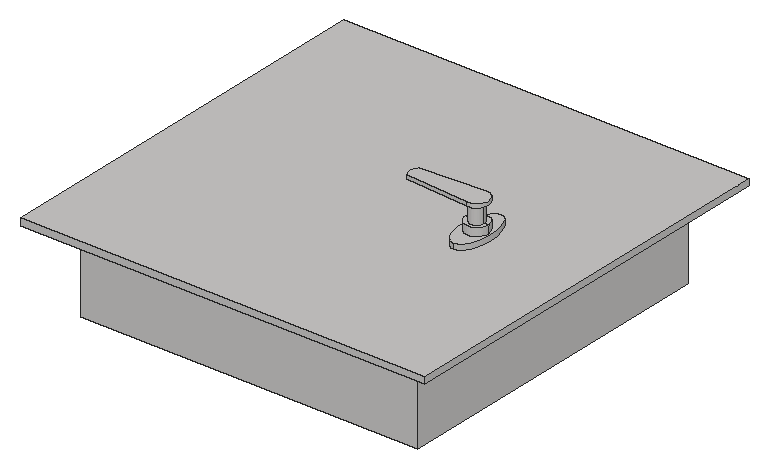
Revit family "Access_Panel-Wall_Door-Activar-Exterior_Access-XPS", category Doors, host Face, Revit 2012
Parameters (values of type "See Type Catalog")
  ecoScorecard_data = ""
  ecoScorecard Product Page = "http://ecoscorecard.com/"
  Width = 12"
  Warranty URL = "http://www.activarcpg.com/sites/default/files/warranty/jl-industries/JL%20AP%20Warranty.pdf"
  URL = "http://www.activarcpg.com/"
  Submittal URL = "http://www.activarcpg.com/sites/default/files/submittals/JL/Access%20Panels/Access%20Panel_XPA_and_XPS_submittal.pdf"
  Subcategory = "Access Panels"
  Shipping Weight = 11.00 lbf
  Rough Width = 10 3/8"
  Rough Height = 10 3/8"
  Product Page URL = "http://www.activarcpg.com/jl-industries/product/xps-weather-resistant-stainless-steel-access-panel"
  Product Line = "Exterior Access Panels"
  Panel Type Use = "Weather-resistant Flush Access Panel for Walls or Ceilings"  # constant formula
  Options = " Chrome-Plated Locking Handle (H3)."  # constant formula
  Number of Latches = 1
  Model = "XPS-1212"
  Manufacturer Toll Free Phone = "800-554-6077"
  Manufacturer Phone = "952-835-6850"
  Manufacturer Fax = "952-835-2218"
  Manufacturer Email = "mailto:Sales@activarcpg.com"
  Manufacturer Address = "9702 Newton Av S, Bloomington MN 55431"  # constant formula
  Manufacturer = "Activar Construction Products Group"  # constant formula
  Maitenance URL = "http://www.activarcpg.com/sites/default/files/InstallationMaint/JL/Access%20Panel%20Cleaning%20%26%20Maintenance.pdf"
  Installation URL = "http://www.activarcpg.com/sites/default/files/InstallationMaint/JL/Access_Panel_XPA-XPS_Series_Installation.pdf"
  Height = 12"
  Hardware = "Non-locking (H) Die Cast Zinc Handles for Exterior, Interior has Non-locking handle"
  Gasket = "EPDM Rubber Bulb Gasket"  # constant formula
  Frame = "16 Gauge Stainless Steel Frame with 1\" Flange"
  Finish [instance] = Stainless Steel - Activar - #4 Satin Finish (304)
  Door = "2\" Thick Insulated 20 Gauge Stainless Steel Door with Continuous Stainless Steel Hinges and EPDM Foam Rubber Bulb Seal Gasketing"
  Description = "Weather-Resistant Flush Access Panel"
  Default Elevation = 48"
  Custom Size Note = "Custom sizes are available.  Contact manufacturer for availability."  # constant formula
  Cost Info = "mailto:Sales@activarcpg.com"
  Assembly Code = "C1020700"
  Additional Info URL = "http://www.activarcpg.com/sites/default/files/Specifications/Access%20Panels.doc"
  95 CSI = "08310"
  04 CSI = "08 31 16"
Reference planes (in)
  plane 1 "Center (Front/Back)": y = 0
  plane 2: z = 0
  plane 3 "Center (Left/Right)": x = 0
  plane 4 "Left Opening": x = -5.1875
  plane 5 "Right Opening": x = 5.1875
  plane 6 "Back Opening": y = 5.1875
  plane 7 "Front Opening": y = -5.1875
  plane 8: z = -24
  plane 9 "Bttm": z = 0
  plane 10 "Front Door": z = 0.2
  plane 11: z = -2.5
  plane 12 "Top": y = 6
  plane 13 "Bottom": y = -6
  plane 14 "Left": x = -6
  plane 15 "Right": x = 6
  plane 16: x = -5
  plane 17: x = 5
  plane 18: y = -5
  plane 19: y = 5
  plane 20: z = 1.20712
  plane 21: x = 2.75
Forms (in)
  Extrusion 1, void
    sketch origin (0, 0, 0) x (1, 0, 0) y (0, 1, 0)
      loop
        line (-5.1875, 5.1875) -> (-5.1875, -5.1875) -> (5.1875, -5.1875) -> (5.1875, 5.1875) -> (-5.1875, 5.1875)
    from 0 to -24
  Extrusion 2, solid, material "Stainless Steel - Activar - #4 Satin Finish (304)" <- "Finish"
    sketch origin (0, 0, 0) x (1, 0, 0) y (0, 1, 0)
      loop
        line (-5, 5) -> (-5, -5) -> (5, -5) -> (5, 5) -> (-5, 5)
    from -2.5 to 0
  Extrusion 3, solid, material "Stainless Steel - Activar - #4 Satin Finish (304)" <- "Finish"
    sketch origin (0, 0, 0) x (1, 0, 0) y (0, 1, 0)
      loop
        line (-6, 6) -> (-6, -6) -> (6, -6) -> (6, 6) -> (-6, 6)
    from 0 to 0.2
  Revolve 4, solid, material "Stainless Steel - Activar - #4 Satin Finish (304)" <- "Finish", detail levels fine
    sketch origin (0, 0, 0) x (1, 0, 0) y (0, 0, 1)
      loop
        line (2.75, 1.10775) -> (2.75, 0.35298) -> (3.08961, 0.35298) -> (3.08961, 0.57566) -> (2.95513, 0.57566) -> (2.95513, 1.10775) -> (2.75, 1.10775)
      axis (2.75, 1.10775) -> (2.75, 0.35298)
    angle from 0 to 360
  Sweep 5, solid, material "Stainless Steel - Activar - #4 Satin Finish (304)" <- "Finish", detail levels fine
    path origin (0, 0, 0) x (1, 0, 0) y (0, 0, 1)
      loop
        line (2.75, 1.10775) -> (2.75, 1.20712)
    profile origin (2.75, 0, 1.15743) x (-1, 0, 0) y (0, -1, 0)
      loop
        arc (1.9063, -0.20718) -> (1.9784, 0) -> (1.9063, 0.20718) r 0.33375
        line (1.9063, 0.20718) -> (0.0239, 0.33964)
        arc (0.0239, 0.33964) -> (-0.34048, 0) -> (0.0239, -0.33964) r 0.34048
        line (0.0239, -0.33964) -> (1.9063, -0.20718)
  Sweep 6, solid, material "Stainless Steel - Activar - #4 Satin Finish (304)" <- "Finish", detail levels fine
    path origin (0.03125, 0, 0) x (1, 0, 0) y (0, 0, 1)
      loop
        line (2.75, 0.35298) -> (2.75, 0.2)
    profile origin (2.78125, 0, 0.27649) x (0, -1, 0) y (1, 0, 0)
      loop
        spline (0.87664, -0.03125) -> (0.84677, 0.07702) -> (0.7592, 0.17791) -> (0.61988, 0.26454) -> (0.43832, 0.33102) -> (0.22689, 0.37281) -> (0, 0.38706) -> (-0.22689, 0.37281) -> (-0.43832, 0.33102) -> (-0.61988, 0.26454) -> (-0.7592, 0.17791) -> (-0.84677, 0.07702) -> (-0.87664, -0.03125)
        spline (-0.87664, -0.03125) -> (-0.84677, -0.13952) -> (-0.7592, -0.24041) -> (-0.61988, -0.32704) -> (-0.43832, -0.39352) -> (-0.22689, -0.43531) -> (0, -0.44956) -> (0.22689, -0.43531) -> (0.43832, -0.39352) -> (0.61988, -0.32704) -> (0.7592, -0.24041) -> (0.84677, -0.13952) -> (0.87664, -0.03125)
Cuts and joins
  joined: Revolve 4, Sweep 5, Sweep 6
Lines and regions (in)
  Masking region 1
    outline origin (0, 0, 0) x (1, 0, 0) y (0, 0, 1)
      loop
        line (6, 0) -> (6, 0.2) -> (3.16936, 0.2) -> (3.16936, 0.35298) -> (3.09167, 0.35298) -> (3.09167, 0.57566) -> (2.95523, 0.57566) -> (2.95523, 1.10775) -> (3.10729, 1.10775) -> (3.10729, 1.20712) -> (0.77208, 1.20712) -> (0.77208, 1.10775) -> (2.54496, 1.10775) -> (2.54496, 0.57566) -> (2.40851, 0.57566) -> (2.40851, 0.35298) -> (2.33277, 0.35298) -> (2.33277, 0.2) -> (-6, 0.2) -> (-6, 0) -> (-5, 0) -> (-5, -2.5) -> (5, -2.5) -> (5, 0) -> (6, 0)
  model lines, detail levels medium+fine
    curve 1: line (-5, 5, 0.2) -> (5, 5, 0.2)
    curve 2: line (-5, -5, 0.2) -> (-5, 5, 0.2)
    curve 3: line (5, -5, 0.2) -> (-5, -5, 0.2)
    curve 4: line (5, 5, 0.2) -> (5, -5, 0.2)
  symbolic lines
    curve 5: line (2.33277, 0, 0.2) -> (3.16936, 0, 0.2)
  symbolic lines, detail levels medium+fine
    curve 6: line (-5, 0, 0) -> (5, 0, 0)
    curve 7: line (2.54496, 0, 0.57566) -> (2.95523, 0, 0.57566)
  symbolic lines, detail levels fine
    curve 8: line (2.40851, 0, 0.35298) -> (3.09167, 0, 0.35298)
    curve 9: line (2.54496, 0, 1.10775) -> (2.95523, 0, 1.10775)
    curve 10: line (-5, 5, 0.2) -> (5, 5, 0.2)
    curve 11: line (-5, -5, 0.2) -> (-5, 5, 0.2)
    curve 12: line (5, -5, 0.2) -> (-5, -5, 0.2)
    curve 13: line (5, 5, 0.2) -> (5, -5, 0.2)
Dimensions and locks (in)
  equal spacing: plane 4 "Left Opening", plane 3 "Center (Left/Right)", plane 5 "Right Opening"
  equal spacing: plane 6 "Back Opening", plane 1 "Center (Front/Back)", plane 7 "Front Opening"
  "Rough Width": plane 4 "Left Opening" to plane 5 "Right Opening"
  "Rough Height": plane 6 "Back Opening" to plane 7 "Front Opening"
  locked: plane 2 to plane 8 at 24
  equal spacing: plane 14 "Left", plane 3 "Center (Left/Right)", plane 15 "Right"
  equal spacing: plane 12 "Top", plane 1 "Center (Front/Back)", plane 13 "Bottom"
  "Height": plane 12 "Top" to plane 13 "Bottom"
  "Width": plane 14 "Left" to plane 15 "Right"
  plane 4 "Left Opening" to plane 16 = 3/16"
  locked: plane 17 to plane 5 "Right Opening" at 0.1875
  locked: plane 6 "Back Opening" to plane 19 at 0.1875
  locked: plane 18 to plane 7 "Front Opening" at 0.1875
  locked: plane 20 to plane 10 "Front Door" at 1.00712
  plane 20 to Revolve 4 sketch curve to Revolve 4 sketch curve to Revolve 4 sketch curve = 0.09937" locked, 0.53209" locked, 0.22268" locked
  locked: plane 10 "Front Door" to plane 9 "Bttm" at 0.2
  locked: plane 9 "Bttm" to plane 11 at 2.5
  locked: plane 21 to plane 17 at 2.25
  aligned and locked: plane 2 to host face
  aligned and locked: host face to level
  aligned and locked: plane 4 "Left Opening" to Extrusion 1 sketch curve
  aligned and locked: Extrusion 1 sketch curve to plane 5 "Right Opening"
  aligned and locked: Extrusion 1 sketch curve to plane 6 "Back Opening"
  aligned and locked: plane 7 "Front Opening" to Extrusion 1 sketch curve
  aligned and locked: Extrusion 1 to plane 8
  aligned and locked: plane 2 to Extrusion 1
  aligned and locked: plane 9 "Bttm" to Extrusion 2
  aligned and locked: Extrusion 2 to plane 11
  aligned and locked: Extrusion 3 sketch curve to plane 15 "Right"
  aligned and locked: plane 13 "Bottom" to Extrusion 3 sketch curve
  aligned and locked: plane 14 "Left" to Extrusion 3 sketch curve
  aligned and locked: Extrusion 3 sketch curve to plane 12 "Top"
  aligned and locked: plane 10 "Front Door" to Extrusion 3
  aligned and locked: Extrusion 3 to plane 9 "Bttm"
  aligned and locked: plane 20 to Sweep 5 sketch curve
  aligned and locked: plane 1 "Center (Front/Back)" to Sweep 5 sketch curve
  aligned and locked: plane 10 "Front Door" to Sweep 6 sketch curve
  aligned and locked: plane 20 to Masking region 1
  aligned and locked: plane 15 "Right" to Masking region 1
  aligned and locked: Masking region 1 to plane 14 "Left"
  aligned and locked: Masking region 1 to plane 11
  aligned and locked: Masking region 1 to plane 2
  aligned and locked: Revolve 4 sketch curve to plane 21  (x2)
  aligned and locked: plane 21 to Sweep 5 sketch curve
  aligned and locked: curve 9 to Masking region 1  (x2)
  aligned and locked: cut or joined group of Revolve 4, Sweep 5, Sweep 6 to cut or joined group of Revolve 4, Sweep 5, Sweep 6
  aligned and locked: curve 8 to Masking region 1  (x2)
  aligned and locked: plane 21 to Sweep 6 sketch curve
  aligned and locked: Sweep 6 sketch curve to plane 1 "Center (Front/Back)"
  aligned and locked: Masking region 1 to curve 7
  aligned and locked: Masking region 1 to curve 8
  aligned and locked: Masking region 1 to curve 9
  aligned and locked: curve 7 to Masking region 1  (x2)
  aligned and locked: Masking region 1 to curve 5
  aligned and locked: curve 5 to Masking region 1
  aligned and locked: cut or joined group of Revolve 4, Sweep 5, Sweep 6 to plane 10 "Front Door"
  aligned and locked: cut or joined group of Revolve 4, Sweep 5, Sweep 6 to Masking region 1  (x2)
  aligned and locked: plane 16 to Extrusion 2 sketch curve
  aligned and locked: Extrusion 2 sketch curve to plane 19
  aligned and locked: Extrusion 2 sketch curve to plane 17
  aligned and locked: plane 18 to Extrusion 2 sketch curve
  aligned and locked: plane 16 to curve 11
  aligned and locked: curve 10 to plane 19
  aligned and locked: curve 13 to plane 17
  aligned and locked: plane 18 to curve 12
  aligned and locked: Masking region 1 sketch curve to plane 16
  aligned and locked: Masking region 1 sketch curve to plane 17
  aligned and locked: curve 6 to Extrusion 2
  aligned and locked: nested 1 to plane 10 "Front Door"
  aligned and locked: plane 16 to nested 1
  aligned and locked: plane 17 to nested 1
Automatic sketch dimensions
  host sketch curve to host sketch curve = 22.58722"
  host sketch curve to host sketch curve = 21.66233"
  Sweep 5 sketch curve to plane 20 = 0.09937"
  plane 1 "Center (Front/Back)" to Sweep 5 sketch curve = 0"
  Sweep 5 sketch curve to profile plane = 0.0239"  (x2)
  Sweep 5 sketch curve to Sweep 5 sketch curve = 1.62075"
  Sweep 5 sketch curve to Sweep 5 sketch curve = 0.26165"
  plane 1 "Center (Front/Back)" to Sweep 5 sketch curve = 0.20718"
  Sweep 5 sketch curve to plane 1 "Center (Front/Back)" = 0.20718"
  Sweep 5 sketch curve to plane 1 "Center (Front/Back)" = 0.33964"
  plane 10 "Front Door" to Sweep 6 sketch curve = 0.15298"
  plane 1 "Center (Front/Back)" to Sweep 6 sketch curve = 0.87664"
  Sweep 5 sketch curve to profile plane = 0"
  plane 21 to Sweep 6 sketch curve = 1/32"
  plane 21 to Revolve 4 sketch curve = 0.20513"
  Revolve 4 sketch curve to Revolve 4 sketch curve = 0.13448"
  Revolve 4 sketch curve to level = 0.25037"
  Revolve 4 sketch curve to Revolve 4 sketch curve = 0"
  Masking region 1 sketch curve to level = 0"  (x2)
  Masking region 1 sketch curve to plane 14 "Left" = 0"
  Masking region 1 sketch curve to plane 20 = 0"
  Masking region 1 sketch curve to plane 10 "Front Door" = 0"  (x2)
  Masking region 1 sketch curve to plane 15 "Right" = 0"
  plane 11 to Masking region 1 sketch curve = 0"
  Masking region 1 sketch curve to plane 21 = 1.97792"
  Masking region 1 sketch curve to plane 21 = 0.41723"
  Masking region 1 sketch curve to Masking region 1 sketch curve = 0.07574"
  Masking region 1 sketch curve to plane 20 = 0.09937"  (x2)
  Masking region 1 sketch curve to plane 21 = 0.20504"
  plane 21 to Masking region 1 sketch curve = 0.20523"
  Masking region 1 sketch curve to Masking region 1 sketch curve = 0.13644"
  Masking region 1 sketch curve to Masking region 1 sketch curve = 0.15207"
  Masking region 1 sketch curve to Masking region 1 sketch curve = 0.07769"
  plane 10 "Front Door" to Masking region 1 sketch curve = 0.15298"  (x2)
  Masking region 1 sketch curve to Masking region 1 sketch curve = 0.22268"  (x2)
  curve 6 to plane 16 = 0"
  curve 6 to plane 17 = 0"
  curve 5 to plane 10 "Front Door" = 0"
Nested families (in)
  nested 1: "Access_Panel-Door-Plan_Swing-2D" at (0, 0, 0.2) x (1, 0, 0) z (0, -1, 0), type "Access_Panel-Door-Plan_Swing-2D"
    with Door Width 10"
Definition of nested family "Access_Panel-Door-Plan_Swing-2D"
  Parameters (values of type "Access_Panel-Door-Plan_Swing-2D")
    Door Width [instance] = 13 1/2"
  Reference planes (in)
    plane 1 "Center (Front/Back)": y = 0
    plane 2: z = 0
    plane 3 "Center (Left/Right)": x = 0
    plane 4: x = -6.75
    plane 5: x = 6.75
  Lines and regions (in)
    detail lines, in view "Ref. Level"
      curve 1: line (-6.75, 0, 0) -> (-6.75, 13.5, 0)
      curve 2: arc (-6.75, 13.5, 0) -> (2.79594, 9.54594, 0) -> (6.75, 0, 0) r 13.5
  Dimensions and locks (in)
    equal spacing: plane 4, plane 3 "Center (Left/Right)", plane 5
    "Door Width": plane 4 to plane 5
    aligned and locked: plane 1 "Center (Front/Back)" to curve 2  (x2)
    aligned and locked: plane 4 to curve 2  (x2)
    aligned and locked: plane 1 "Center (Front/Back)" to curve 1
    aligned and locked: plane 5 to curve 2
    aligned and locked: plane 4 to curve 1
Types in the file's own list only (16): name | Width | Shipping Weight | Rough Width | Rough Height | Number of Latches | Model | Height
  12  x 12 | 14" | 11.00 lb | 12 3/8" | 12 3/8" | 1 | "XPS-1212" | 14"
  14  x 14 | 16" | 15.00 lb | 14 3/8" | 14 3/8" | 1 | "XPS-1414" | 16"
  18  x 18 | 20" | 19.00 lb | 18 3/8" | 18 3/8" | 1 | "XPS-1818" | 20"
  20  x 24 | 22" | 30.00 lb | 20 3/8" | 24 3/8" | 1 | "XPS-2024" | 26"
  20  x 30 | 22" | 32.00 lb | 20 3/8" | 30 3/8" | 1 | "XPS-2030" | 32"
  22  x 30 | 24" | 34.00 lb | 22 3/8" | 30 3/8" | 1 | "XPS-2230" | 32"
  22  x 36 | 24" | 40.00 lb | 22 3/8" | 36 3/8" | 2 | "XPS-2236" | 38"
  24  x 24 | 26" | 27.00 lb | 24 3/8" | 24 3/8" | 2 | "XPS-2424" | 26"
  24  x 30 | 26" | 40.00 lb | 24 3/8" | 30 3/8" | 2 | "XPS-2430" | 32"
  24  x 36 | 26" | 42.00 lb | 24 3/8" | 36 3/8" | 2 | "XPS-2436" | 38"
  24  x 48 | 26" | 57.00 lb | 24 3/8" | 48 3/8" | 2 | "XPS-2448" | 50"
  30  x 30 | 32" | 44.00 lb | 30 3/8" | 30 3/8" | 2 | "XPS-3030" | 32"
  30  x 36 | 32" | 56.00 lb | 30 3/8" | 36 3/8" | 2 | "XPS-3036" | 38"
  36  x 36 | 38" | 61.00 lb | 36 3/8" | 36 3/8" | 2 | "XPS-3636" | 38"
  36  x 48 | 38" | 75.00 lb | 36 3/8" | 48 3/8" | 2 | "XPS-3648" | 50"
  48  x 48 | 50" | 108.00 lb | 48 3/8" | 48 3/8" | 4 | "XPS-4848" | 50"
